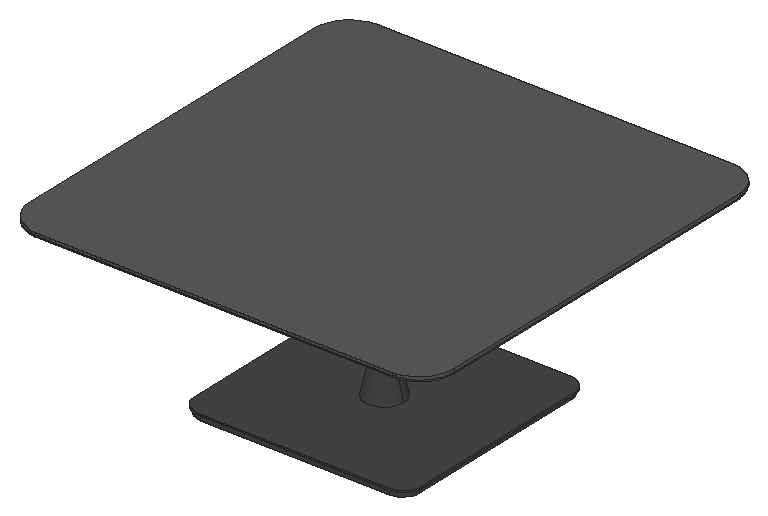
Revit family "NBS_Allermuir_OffcTbls_FortySeven_LowLevelTables", category Furniture, Revit 2018
Family settings
  Work Plane-Based = No
  Always vertical = Yes
  Cut with Voids When Loaded = No
  Shared = No
  Room Calculation Point = No
Parameters (values of type "FortySeven_LowLevelTable_FRSC09SQ")
  WorksurfaceArea = 0.00 m²
  WarrantyStartDate [instance] = "1900-12-31T23:59:59"
  WarrantyGuarantorParts = "sales@allermuir.com"
  WarrantyGuarantorLabor = "n/a"
  WarrantyDurationUnit = "year"
  WarrantyDurationParts = "5"
  WarrantyDurationLabor = "n/a"
  WarrantyDescription = "Allermuir warrant that its manufactured products are free from manufacturing defects - in materials or workmanship - for a period of five (5) years. , Allermuir will repair, or replace (at Allermuir's sole discretion) with comparable free of charge materials / components, any product / component which fails under normal use in a single shift environment, as a result of a defect in the materials and/ or workmanship"
  Version = "1"  # constant formula
  Uniclass2015Version = "Products v1.15"
  Uniclass2015Title = "Coffee tables"
  Uniclass2015Code = "Pr_40_50_21_14"
  TagNumber [instance] = "n/a"
  TableTopMaterial = NBS_Allermuir_LaminateFacedMDF_Black
  TableTopCornerRadiusOffset = 78 mm + (TableTopWidth - 600 mm) / 50  # 84 mm
  TableHeight = 380 mm  # constant formula
  TableTopWidth = 900 mm
  TableBaseMaterial = NBS_Allermuir_Steel_BlackPowderCoat
  SustainabilityPerformance = "13.50% recyclable"
  Style = "Table"
  StockLaminateRange = "White, Grey, Powder Blue, Sea Jade, Platinum, Pewter Grey, Jet Black, Ash, Summer Oak, Biella Walnut"
  Status = "UNSET"
  Size = "380 x 900 x 900 mm"
  Shape = "Square"
  SerialNumber [instance] = "n/a"
  Revision = "n/a"
  ReplacementCost = "n/a"
  Reference = "n/a"
  ProductInformation = "https://www.allermuir.com/products/tables-storage/fortyseven"
  NumberOfChairs = 0
  NominalWidth = TableTopWidth  # 900 mm
  NominalLength = TableTopWidth  # 900 mm
  NominalHeight = TableHeight  # 380 mm
  NominalDepth = TableTopWidth  # 900 mm
  Name = "OfficeTables_FRSC09SQ_FortySeven_Allermuir"
  NBSReference = "45-35-20/340"
  NBSDescription = "Office tables"
  NBSCertification = "www.nationalbimlibrary.com/cert/nsjto4fe"
  ModelReference = "FortySeven_LowLevelTables"
  ModelNumber = "FRSC09SQ"
  Material = "Plastic, Wood, Steel"
  ManufacturerURL = "www.allermuir.co.uk"
  ManufacturerName = "Allermuir"  # constant formula
  Manufacturer = "sales@allermuir.com"
  MainColor = "n/a"
  IsSquare = yes
  IsRound = no
  IsBuiltIn = no
  InstallationDate [instance] = "1900-12-31T23:59:59"
  IfcExportType = "TABLE"  # constant formula
  IfcExportAs = "IfcFurnitureType"  # constant formula
  Grade = "n/a"
  Finish = "Black, white, stone"
  Features = "25mm laminate faced MDF core top with a clear edge profile, Steel pedestal base finished in Black powder coat, Plastic glides with levelling adjustment, Table edge profile can be stained, Steel pedestal base available in White or Stone powder coat"
  ExpectedLife = "10"
  EdgeProfile = "47"
  DurationUnit = "year"
  Description = "Dining height square table"
  Constituents = "n/a"
  Color = "n/a"
  CodePerformance = "n/a"
  Category = "Pr_40_50_21_14:Coffee tables"
  CBandLaminateRange = "Polyrey - Papago, Polyrey - Origine"
  BarCode [instance] = "n/a"
  BIMObjectName = "NBS_Allermuir_OfficeTables_FortySeven_LowLevelTables_KRSC09SQ"
  BBandLaminateRange = "Formica - Plain Colours, Formica - Patterns, Formica - Woods (matte 58), Formica - Fundamentals (All other Finishes)"
  Author = "NBS"  # constant formula
  AssetType = "Movable"
  AssetIdentifier [instance] = "n/a"
  AccessibilityPerformance = "n/a"
  ABandLaminateRange = "Formica - Fundamentals (Shell Finish), Polyrey - Durion"
Types (7, lengths in mm): name | TableTopCornerRadiusOffset | TableTopWidth | Size | Shape | NominalWidth | NominalLength | NominalDepth | Name | ModelNumber | IsSquare | IsRound | Description | BIMObjectName
  (no name) | 78 | 600 | "600 x 380 mm" | "Round" | 600 | 600 | 600 | "OfficeTables_FRSC06RD_FortySeven_Allermuir" | "FRSC06RD" | no | yes | "Dining height circular table" | "NBS_Allermuir_OfficeTables_FortySeven_LowLevelTables_FRSC06RD"
  FortySeven_LowLevelTable_FRSC06RD | 78 | 600 | "600 x 380 mm" | "Round" | 600 | 600 | 600 | "OfficeTables_FRSC06RD_FortySeven_Allermuir" | "FRSC06RD" | no | yes | "Dining height circular table" | "NBS_Allermuir_OfficeTables_FortySeven_LowLevelTables_FRSC06RD"
  FortySeven_LowLevelTable_FRSC07RD | 81 | 750 | "750 x 380 mm" | "Round" | 750 | 750 | 750 | "OfficeTables_FRSC07RD_FortySeven_Allermuir" | "FRSC07RD" | no | yes | "Dining height circular table" | "NBS_Allermuir_OfficeTables_FortySeven_LowLevelTables_FRSC07RD"
  FortySeven_LowLevelTable_FRSC09RD | 84 | 900 | "900 x 380 mm" | "Round" | 900 | 900 | 900 | "OfficeTables_FRSC09RD_FortySeven_Allermuir" | "FRSC09RD" | no | yes | "Dining height circular table" | "NBS_Allermuir_OfficeTables_FortySeven_LowLevelTables_FRSC09RD"
  FortySeven_LowLevelTable_FRSC06SQ | 78 | 600 | "380 x 600 x 600 mm" | "Square" | 600 | 600 | 600 | "OfficeTables_FRSC06SQ_FortySeven_Allermuir" | "FRSC06SQ" | yes | no | "Dining height square table" | "NBS_Allermuir_OfficeTables_FortySeven_LowLevelTables_FRSC06SQ"
  FortySeven_LowLevelTable_FRSC07SQ | 81 | 750 | "380 x 750 x 750 mm" | "Square" | 750 | 750 | 750 | "OfficeTables_FRSC07SQ_FortySeven_Allermuir" | "FRSC07SQ" | yes | no | "Dining height square table" | "NBS_Allermuir_OfficeTables_FortySeven_LowLevelTables_FRSC07SQ"
  FortySeven_LowLevelTable_FRSC09SQ | 84 | 900 | "380 x 900 x 900 mm" | "Square" | 900 | 900 | 900 | "OfficeTables_FRSC09SQ_FortySeven_Allermuir" | "FRSC09SQ" | yes | no | "Dining height square table" | "NBS_Allermuir_OfficeTables_FortySeven_LowLevelTables_KRSC09SQ"
Reference planes
  plane 1 "Center (Front/Back)": y = 0
  plane 2: z = 0
  plane 3 "Center (Left/Right)": x = 0
  plane 4 "Left": x = -450
  plane 5 "Front": y = -450
  plane 6 "Right": x = 450
  plane 7 "Back": y = 450
  plane 8 "Top": z = 380
  plane 9: x = -1350
  plane 10: y = 1350
  plane 11: y = -1350
  plane 12: x = 1350
Forms (mm)
  Sweep 1, solid, material "NBS_Allermuir_LaminateFacedMDF_Black" <- "TableTopMaterial", visible <- "IsSquare", detail levels medium+fine
    path origin (0, 0, 380) x (-1, 0, 0) y (0, -1, 0)
      loop
        arc (440.529, -369.82) -> (450, 0) -> (440.529, 369.82) r 7225
        arc (440.529, 369.82) -> (418.769, 418.769) -> (369.82, 440.529) r 74.627
        arc (369.82, 440.529) -> (0, 450) -> (-369.82, 440.529) r 7225
        arc (-369.82, 440.529) -> (-418.769, 418.769) -> (-440.529, 369.82) r 74.627
        arc (-440.529, 369.82) -> (-450, 0) -> (-440.529, -369.82) r 7225
        arc (-440.529, -369.82) -> (-418.769, -418.769) -> (-369.82, -440.529) r 74.627
        arc (-369.82, -440.529) -> (0, -450) -> (369.82, -440.529) r 7225
        arc (369.82, -440.529) -> (418.769, -418.769) -> (440.529, -369.82) r 74.627
    profile origin (-450, 0, 380) x (1, 0, 0) y (0, 0, 1)
      loop
        line (0, 0) -> (0, -6.517)
        arc (0, -6.517) -> (0.393, -7.708) -> (1.419, -8.431) r 2
        line (1.419, -8.431) -> (56, -25) -> (66, -25) -> (66, 0) -> (0, 0)
  Extrusion 2, solid, material "NBS_Allermuir_LaminateFacedMDF_Black" <- "TableTopMaterial", visible <- "IsSquare", detail levels medium+fine
    sketch origin (0, 0, 380) x (-1, 0, 0) y (0, -1, 0)
      loop
        arc (374.615, -366.442) -> (384, 0) -> (374.615, 366.442) r 7159
        arc (374.615, 366.442) -> (372.1, 372.1) -> (366.442, 374.615) r 8.627
        arc (366.442, 374.615) -> (0, 384) -> (-366.442, 374.615) r 7159
        arc (-366.442, 374.615) -> (-372.1, 372.1) -> (-374.615, 366.442) r 8.627
        arc (-374.615, 366.442) -> (-384, 0) -> (-374.615, -366.442) r 7159
        arc (-374.615, -366.442) -> (-372.1, -372.1) -> (-366.442, -374.615) r 8.627
        arc (-366.442, -374.615) -> (0, -384) -> (366.442, -374.615) r 7159
        arc (366.442, -374.615) -> (372.1, -372.1) -> (374.615, -366.442) r 8.627
    from 0 to -25
  Extrusion 3, solid, material "NBS_Allermuir_LaminateFacedMDF_Black" <- "TableTopMaterial", visible <- "IsSquare", detail levels coarse
    sketch origin (0, 0, 380) x (-1, 0, 0) y (0, -1, 0)
      loop
        line (450, -450) -> (450, 450) -> (-450, 450) -> (-450, -450) -> (450, -450)
    from 0 to -25
  Sweep 4, void
    path origin (0, 0, 380) x (-1, 0, 0) y (0, -1, 0)
      loop
        circle (0, 0) r 450
    profile origin (0, -450, 380) x (0, 1, 0) y (0, 0, 1)
      loop
        line (0, -6.517) -> (0, -25) -> (56, -25) -> (1.419, -8.431)
        arc (1.419, -8.431) -> (0.393, -7.708) -> (0, -6.517) r 2
  Extrusion 5, solid, material "NBS_Allermuir_LaminateFacedMDF_Black" <- "TableTopMaterial", visible <- "IsRound", detail levels medium+fine
    sketch origin (0, 0, 380) x (-1, 0, 0) y (0, -1, 0)
      loop
        circle (0, 0) r 450
    from 0 to -25
  Extrusion 6, solid, material "NBS_Allermuir_LaminateFacedMDF_Black" <- "TableTopMaterial", visible <- "IsRound", detail levels coarse
    sketch origin (0, 0, 380) x (-1, 0, 0) y (0, -1, 0)
      loop
        circle (0, 0) r 450
    from 0 to -25
  Extrusion 7, solid, material "NBS_Allermuir_Steel_BlackPowderCoat" <- "TableBaseMaterial", detail levels fine
    sketch origin (0, 0, 380) x (-1, 0, 0) y (0, -1, 0)
      loop
        arc (-175, -90) -> (-150.104, -150.104) -> (-90, -175) r 85
        line (-90, -175) -> (90, -175)
        arc (90, -175) -> (150.104, -150.104) -> (175, -90) r 85
        line (175, -90) -> (175, 90)
        arc (175, 90) -> (150.104, 150.104) -> (90, 175) r 85
        line (90, 175) -> (-90, 175)
        arc (-90, 175) -> (-150.104, 150.104) -> (-175, 90) r 85
        line (-175, 90) -> (-175, -90)
    from -25 to -30
  Revolve 8, solid, material "NBS_Allermuir_Steel_BlackPowderCoat" <- "TableBaseMaterial"
    sketch origin (0, 0, 0) x (1, 0, 0) y (0, 0, 1)
      loop
        line (0, 15) -> (40, 15) -> (24.439, 84.16)
        arc (24.439, 84.16) -> (22.612, 95.068) -> (22, 106.111) r 100
        line (22, 106.111) -> (22, 355) -> (0, 355) -> (0, 15)
      axis (0, 355) -> (0, 15)
    angle from 0 to 360
  Extrusion 9, solid, material "NBS_Allermuir_Steel_BlackPowderCoat" <- "TableBaseMaterial", visible <- "IsRound", detail levels fine
    sketch origin (0, 0, 0) x (1, 0, 0) y (0, 1, 0)
      loop
        circle (0, 0) r 229
    from 0 to 12
  Extrusion 10, solid, material "NBS_Allermuir_Steel_BlackPowderCoat" <- "TableBaseMaterial", visible <- "IsRound", detail levels fine
    sketch origin (0, 0, 0) x (1, 0, 0) y (0, 1, 0)
      loop
        circle (0, 0) r 235
    from 12 to 15
  Extrusion 11, solid, material "NBS_Allermuir_Steel_BlackPowderCoat" <- "TableBaseMaterial", visible <- "IsRound", detail levels coarse+medium
    sketch origin (0, 0, 0) x (1, 0, 0) y (0, 1, 0)
      loop
        circle (0, 0) r 235
    from 0 to 15
  Extrusion 12, solid, material "NBS_Allermuir_Steel_BlackPowderCoat" <- "TableBaseMaterial", visible <- "IsSquare", detail levels fine
    sketch origin (0, 0, 0) x (1, 0, 0) y (0, 1, 0)
      loop
        arc (236, 196) -> (224.284, 224.284) -> (196, 236) r 40
        line (196, 236) -> (-196, 236)
        arc (-196, 236) -> (-224.284, 224.284) -> (-236, 196) r 40
        line (-236, 196) -> (-236, -196)
        arc (-236, -196) -> (-224.284, -224.284) -> (-196, -236) r 40
        line (-196, -236) -> (196, -236)
        arc (196, -236) -> (224.284, -224.284) -> (236, -196) r 40
        line (236, -196) -> (236, 196)
    from 12 to 15
  Extrusion 13, solid, material "NBS_Allermuir_Steel_BlackPowderCoat" <- "TableBaseMaterial", visible <- "IsSquare", detail levels fine
    sketch origin (0, 0, 0) x (1, 0, 0) y (0, 1, 0)
      loop
        line (-230, 196) -> (-230, -196)
        arc (-230, -196) -> (-220.042, -220.042) -> (-196, -230) r 34
        line (-196, -230) -> (196, -230)
        arc (196, -230) -> (220.042, -220.042) -> (230, -196) r 34
        line (230, -196) -> (230, 196)
        arc (230, 196) -> (220.042, 220.042) -> (196, 230) r 34
        line (196, 230) -> (-196, 230)
        arc (-196, 230) -> (-220.042, 220.042) -> (-230, 196) r 34
    from 0 to 12
  Extrusion 14, solid, material "NBS_Allermuir_Steel_BlackPowderCoat" <- "TableBaseMaterial", visible <- "IsSquare", detail levels medium
    sketch origin (0, 0, 0) x (1, 0, 0) y (0, 1, 0)
      loop
        line (-236, 196) -> (-236, -196)
        arc (-236, -196) -> (-224.284, -224.284) -> (-196, -236) r 40
        line (-196, -236) -> (196, -236)
        arc (196, -236) -> (224.284, -224.284) -> (236, -196) r 40
        line (236, -196) -> (236, 196)
        arc (236, 196) -> (224.284, 224.284) -> (196, 236) r 40
        line (196, 236) -> (-196, 236)
        arc (-196, 236) -> (-224.284, 224.284) -> (-236, 196) r 40
    from 0 to 15
  Extrusion 15, solid, material "NBS_Allermuir_Steel_BlackPowderCoat" <- "TableBaseMaterial", visible <- "IsSquare", detail levels coarse
    sketch origin (0, 0, 0) x (1, 0, 0) y (0, 1, 0)
      loop
        line (-236, 236) -> (-236, -236) -> (236, -236) -> (236, 236) -> (-236, 236)
    from 0 to 15
Cuts and joins
  joined: Sweep 1, Extrusion 2
  Sweep 4 cuts Extrusion 5
Dimensions and locks
  equal spacing: plane 7 "Back", plane 1 "Center (Front/Back)", plane 5 "Front"
  equal spacing: plane 4 "Left", plane 3 "Center (Left/Right)", plane 6 "Right"
  "TableTopWidth": plane 4 "Left" to plane 6 "Right"
  "TableTopWidth": plane 7 "Back" to plane 5 "Front"
  "TableHeight": plane 8 "Top" to plane 2
  locked: plane 4 "Left" to Sweep 1 sketch curve at 0
  locked: plane 7 "Back" to Sweep 1 sketch curve at 0
  locked: plane 5 "Front" to Sweep 1 sketch curve at 0
  locked: plane 6 "Right" to Sweep 1 sketch curve at 0
  "TableTopWidth": plane 9 to plane 4 "Left"
  locked: plane 9 to Sweep 1 sketch curve at 8125
  "TableTopWidth": plane 7 "Back" to plane 10
  "TableTopWidth": plane 6 "Right" to plane 12
  "TableTopWidth": plane 5 "Front" to plane 11
  locked: plane 10 to Sweep 1 sketch curve at 8125
  locked: Sweep 1 sketch curve to plane 12 at 8125
  locked: Sweep 1 sketch curve to plane 11 at 8125
  "TableTopCornerRadiusOffset": Sweep 1 sketch curve to plane 7 "Back"  (x2)
  "TableTopCornerRadiusOffset": Sweep 1 sketch curve to plane 6 "Right"  (x2)
  "TableTopCornerRadiusOffset": Sweep 1 sketch curve to plane 5 "Front"  (x2)
  "TableTopCornerRadiusOffset": plane 4 "Left" to Sweep 1 sketch curve  (x2)
  Extrusion 7 sketch curve to plane 1 "Center (Front/Back)" to Extrusion 7 sketch curve = 175 mm locked, 175 mm locked
  Extrusion 7 sketch curve to plane 3 "Center (Left/Right)" to Extrusion 7 sketch curve = 175 mm locked, 175 mm locked
  locked: Revolve 8 sketch curve to plane 3 "Center (Left/Right)" at 22
  locked: plane 8 "Top" to Revolve 8 sketch curve at 25
  locked: Revolve 8 sketch curve to plane 2 at 15
  Extrusion 15 sketch curve to plane 3 "Center (Left/Right)" to Extrusion 15 sketch curve = 236 mm locked, 236 mm locked
  Extrusion 15 sketch curve to plane 1 "Center (Front/Back)" to Extrusion 15 sketch curve = 236 mm locked, 236 mm locked
  Extrusion 14 sketch curve to plane 1 "Center (Front/Back)" to Extrusion 14 sketch curve = 236 mm locked, 236 mm locked
  Extrusion 14 sketch curve to plane 3 "Center (Left/Right)" to Extrusion 14 sketch curve = 236 mm locked, 236 mm locked
  Extrusion 13 sketch curve to plane 1 "Center (Front/Back)" to Extrusion 13 sketch curve = 230 mm locked, 230 mm locked
  Extrusion 13 sketch curve to plane 3 "Center (Left/Right)" to Extrusion 13 sketch curve = 230 mm locked, 230 mm locked
  Extrusion 12 sketch curve to plane 3 "Center (Left/Right)" to Extrusion 12 sketch curve = 236 mm locked, 236 mm locked
  Extrusion 12 sketch curve to plane 1 "Center (Front/Back)" to Extrusion 12 sketch curve = 236 mm locked, 236 mm locked
  "TableTopWidth": diameter of Sweep 4 sketch curve
  "TableTopWidth": diameter of Extrusion 5 sketch curve
  "TableTopWidth": diameter of Extrusion 6 sketch curve
  aligned and locked: level to plane 2
  aligned and locked: plane 1 "Center (Front/Back)" to Sweep 1 sketch curve
  aligned and locked: Extrusion 2 sketch curve to Sweep 1  (x8)
  aligned and locked: Extrusion 3 sketch curve to plane 4 "Left"
  aligned and locked: plane 7 "Back" to Extrusion 3 sketch curve
  aligned and locked: plane 6 "Right" to Extrusion 3 sketch curve
  aligned and locked: Extrusion 3 sketch curve to plane 5 "Front"
  aligned and locked: plane 1 "Center (Front/Back)" to Sweep 4 sketch curve
  aligned and locked: plane 3 "Center (Left/Right)" to Sweep 4 sketch curve
  aligned and locked: plane 1 "Center (Front/Back)" to Extrusion 5 sketch curve
  aligned and locked: plane 3 "Center (Left/Right)" to Extrusion 5 sketch curve
  aligned and locked: plane 1 "Center (Front/Back)" to Extrusion 6 sketch curve
  aligned and locked: plane 3 "Center (Left/Right)" to Extrusion 6 sketch curve
  aligned and locked: plane 3 "Center (Left/Right)" to Revolve 8 sketch curve
  aligned and locked: Revolve 8 sketch curve to plane 3 "Center (Left/Right)"
Automatic sketch dimensions
  profile plane to Sweep 1 sketch curve = 0 mm
  Sweep 1 sketch curve to profile plane = 1.419 mm
  Sweep 1 sketch curve to Sweep 1 sketch curve = 0.581 mm
  Sweep 1 sketch curve to plane 8 "Top" = 25 mm
  Sweep 1 sketch curve to profile plane = 56 mm
  Sweep 1 sketch curve to plane 8 "Top" = 8.431 mm
  Sweep 1 sketch curve to Sweep 1 sketch curve = 10 mm
  Sweep 1 sketch curve to plane 8 "Top" = 0 mm
  Sweep 4 sketch curve to Sweep 4 sketch curve = 1.419 mm
  Sweep 4 sketch curve to Sweep 4 sketch curve = 0.581 mm
  Sweep 4 sketch curve to profile plane = 56 mm
  Sweep 4 sketch curve to Sweep 4 sketch curve = 16.569 mm
  Sweep 4 sketch curve to plane 8 "Top" = 25 mm
  Sweep 4 sketch curve to plane 8 "Top" = 6.517 mm
  Sweep 4 sketch curve to profile plane = 0 mm  (x2)
  plane 3 "Center (Left/Right)" to Extrusion 7 sketch curve = 90 mm
  Extrusion 7 sketch curve to Extrusion 7 sketch curve = 85 mm  (x2)
  plane 1 "Center (Front/Back)" to Extrusion 7 sketch curve = 90 mm
  Revolve 8 sketch curve to Revolve 8 sketch curve = 2.439 mm
  plane 3 "Center (Left/Right)" to Revolve 8 sketch curve = 40 mm
  Revolve 8 sketch curve to Revolve 8 sketch curve = 21.951 mm
  Revolve 8 sketch curve to level = 440.494 mm
  plane 8 "Top" to Revolve 8 sketch curve = 1617.414 mm
  plane 1 "Center (Front/Back)" to Extrusion 9 sketch curve = 0 mm
  Extrusion 9 sketch curve to plane 3 "Center (Left/Right)" = 0 mm
  plane 1 "Center (Front/Back)" to Extrusion 10 sketch curve = 0 mm
  Extrusion 10 sketch curve to plane 3 "Center (Left/Right)" = 0 mm
  plane 1 "Center (Front/Back)" to Extrusion 11 sketch curve = 0 mm
  Extrusion 11 sketch curve to plane 3 "Center (Left/Right)" = 0 mm
  Extrusion 12 sketch curve to Extrusion 12 sketch curve = 40 mm  (x4)
  Extrusion 13 sketch curve to Extrusion 13 sketch curve = 34 mm  (x4)
  Extrusion 14 sketch curve to Extrusion 14 sketch curve = 40 mm  (x4)
  Sweep 1 sketch curve to plane 3 "Center (Left/Right)" = 0 mm  (x2)
  Sweep 1 sketch curve to plane 1 "Center (Front/Back)" = 0 mm
  Sweep 1 sketch curve to Sweep 1 sketch curve = 0 mm  (x4)
  radius of Extrusion 9 sketch curve = 229 mm
  radius of Extrusion 10 sketch curve = 235 mm
  radius of Extrusion 11 sketch curve = 235 mm
